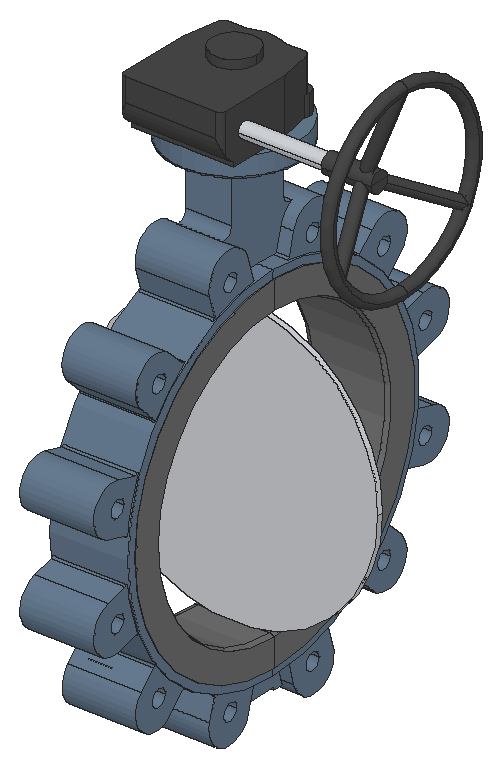
Revit family "HERZ Isolating Butterfly Valves AF-4219 with gearbox", category Rohrzubehör, Revit 2019
Family settings
  Bemaßung runder Anschluss = Durchmesser verwenden
  Teiletyp = Unterbricht
  OmniClass-Nummer = 23.65.55.14
  OmniClass-Titel = Valves for Liquid Services
  Arbeitsebenenbasiert = Nein
  Immer vertikal = Ja
  Beim Laden mit Abzugskörper schneiden = Nein
  Gemeinsam genutzt = Nein
Parameters
  Weight [instance] = size_lookup("4219_AF_G", "Gewicht", 3.8, Nennweite)  # 37.6
  URL = "www.herzvalves.com"
  Spindle = "stainless steel ASTM-A276 / Type 316"  # constant formula
  Screws [instance] = if(Nennweite = 50 mm, "4x M16x35", if(Nennweite = 65 mm, "4x M16x35", if(Nennweite = 80 mm, "8x M16x35", if(Nennweite = 100 mm, "8x M16x40", if(Nennweite = 125 mm, "8x M16x40", if(Nennweite = 150 mm, "8x M20x40", if(Nennweite = 200 mm, "12x M20x45", if(Nennweite = 250 mm, "12x M24x45", "12x M24x45"))))))))  # "12x M24x45"
  SCTWSEQ = "FW;SBT_TYP_FW=\"101\";2"
  SCTWCODE = "04;07;02"  # constant formula
  SCRNSEQ = "ARM;ARM_TYP=\"ALLF\";2"
  SCRNCODE = "05;13;02"  # constant formula
  R99 = 1.5 mm  # constant formula
  Part number [instance] = size_lookup("4219_AF_G", "Artnr", 421911, Nennweite)  # 1421979
  PN [instance] = size_lookup("4219_AF_G", "PN", 16, Nennweite)  # 10
  O-Ring = "EPDM according to ISO 1691"  # constant formula
  Min. operating temperature = "-20.00 °C with appropriate water-glycol mixture"  # constant formula
  Medium = "Heating water quality according ÖNORM H5195 or VDI-Standard 2035. The use of ethylene or propylene glycol in a\nmixing ratio 25- 50% is allowed."
  Max. operating temperature = 110 °C  # constant formula
  L04 [instance] = L01 - 3.5 mm  # 35.5 mm
  L03 [instance] = L01 + 1.5 mm  # 40.5 mm
  L02 [instance] = size_lookup("4219_AF_G", "L2", 14.5 mm, Nennweite)  # 30.5 mm
  L01 [instance] = size_lookup("4219_AF_G", "L1", 21.5 mm, Nennweite)  # 39 mm
  R01 [instance] = size_lookup("4219_AF_G", "R1", 44 mm, Nennweite)  # 65 mm
  Nennweite [instance] = 300 mm
  Hersteller = "HERZ Armaturen Ges.m.b.H."  # constant formula
  H02 [instance] = size_lookup("4219_AF_G", "H2", 13 mm, Nennweite)  # 20 mm
  H01 [instance] = size_lookup("4219_AF_G", "H1", 125 mm, Nennweite)  # 308 mm
  Flange = "according to EN1092-2"  # constant formula
  Torque in NM [instance] = size_lookup("4219_AF_G", "Nm", 20, Nennweite)  # 350
  Disc = "stainless steel 1.4408"  # constant formula
  DN80 [instance] = Nennweite = 80 mm  # no
  DN65 [instance] = Nennweite = 65 mm  # no
  DN50 [instance] = Nennweite = 50 mm  # no
  DN300 [instance] = Nennweite = 300 mm  # yes
  DN250 [instance] = Nennweite = 250 mm  # no
  DN200 [instance] = Nennweite = 200 mm  # no
  DN150 [instance] = Nennweite = 150 mm  # no
  DN125 [instance] = Nennweite = 125 mm  # no
  DN100 [instance] = Nennweite = 100 mm  # no
  D06 [instance] = size_lookup("4219_AF_G", "D6", 25.3 mm, Nennweite)  # 146.5 mm
  D05 [instance] = size_lookup("4219_AF_G", "D5", 24.5 mm, Nennweite)  # 145 mm
  D04 [instance] = D05 + 2 mm  # 147 mm
  D03 [instance] = size_lookup("4219_AF_G", "D3", 35.5 mm, Nennweite)  # 167.5 mm
  D02 [instance] = size_lookup("4219_AF_G", "D2", 41 mm, Nennweite)  # 175 mm
  D01 [instance] = size_lookup("4219_AF_G", "D1", 47 mm, Nennweite)  # 183 mm
  Body sealing = "EPDM according to ISO 1691"  # constant formula
  Body = "GGG, GJS-400-15/JS1030, according to EN1563"  # constant formula
  Application = "Suitable for fluids in building services, cold water systems, hot water saystems, etc."
Reference planes
  plane 1 "Mitte (Vorne/hinten)": y = 0
  plane 2: z = 0
  plane 3 "Mitte (Links/rechts)": x = 0
Forms (mm)
  Revolve 1, solid, material "Herz-Metall-blau", detail levels fine
    sketch origin (0, 0, 0) x (1, 0, 0) y (0, 0, 1)
      loop
        line (-30.5, 175) -> (-30.5, 167.5) -> (30.5, 167.5) -> (30.5, 175) -> (39, 175) -> (39, 183) -> (-39, 183) -> (-39, 175) -> (-30.5, 175)
      axis (-39, 0) -> (39, 0)
    angle from 0 to 360
  Revolve 2, solid, material "Herz-Metall-blau", detail levels fine
    sketch origin (0, 0, 0) x (1, 0, 0) y (0, 0, 1)
      loop
        line (-65, 308) -> (-65, 289.463)
        arc (-65, 289.463) -> (-64.673, 288.527) -> (-63.833, 288) r 1.5
        line (-63.833, 288) -> (0, 288) -> (0, 308) -> (-65, 308)
      axis (0, 308) -> (0, 288)
    angle from 0 to 360
  Extrusion 3, solid, material "Herz-Metall-blau", visible <- "DN50", detail levels fine
    sketch origin (0, 0, 0) x (0, 1, 0) y (0, 0, 1)
      loop
        line (56.215, -32.173) -> (43.95, -19.909)
        arc (43.95, -19.909) -> (43.387, -18.793) -> (43.596, -17.56) r 2
        arc (43.596, -17.56) -> (33.234, -33.234) -> (17.56, -43.596) r 47
        arc (17.56, -43.596) -> (18.793, -43.387) -> (19.909, -43.95) r 2
        line (19.909, -43.95) -> (32.173, -56.215)
        arc (32.173, -56.215) -> (56.215, -56.215) -> (56.215, -32.173) r 17
      loop
        arc (-56.215, -32.173) -> (-56.215, -56.215) -> (-32.173, -56.215) r 17
        line (-32.173, -56.215) -> (-19.909, -43.95)
        arc (-19.909, -43.95) -> (-18.793, -43.387) -> (-17.56, -43.596) r 2
        arc (-17.56, -43.596) -> (-33.234, -33.234) -> (-43.596, -17.56) r 47
        arc (-43.596, -17.56) -> (-43.387, -18.793) -> (-43.95, -19.909) r 2
        line (-43.95, -19.909) -> (-56.215, -32.173)
      loop
        arc (56.215, 32.173) -> (56.215, 56.215) -> (32.173, 56.215) r 17
        line (32.173, 56.215) -> (19.909, 43.95)
        arc (19.909, 43.95) -> (18.793, 43.387) -> (17.56, 43.596) r 2
        arc (17.56, 43.596) -> (33.234, 33.234) -> (43.596, 17.56) r 47
        arc (43.596, 17.56) -> (43.387, 18.793) -> (43.95, 19.909) r 2
        line (43.95, 19.909) -> (56.215, 32.173)
      loop
        line (-56.215, 32.173) -> (-43.95, 19.909)
        arc (-43.95, 19.909) -> (-43.387, 18.793) -> (-43.596, 17.56) r 2
        arc (-43.596, 17.56) -> (-33.234, 33.234) -> (-17.56, 43.596) r 47
        arc (-17.56, 43.596) -> (-18.793, 43.387) -> (-19.909, 43.95) r 2
        line (-19.909, 43.95) -> (-32.173, 56.215)
        arc (-32.173, 56.215) -> (-56.215, 56.215) -> (-56.215, 32.173) r 17
      loop
        circle (-44.194, 44.194) r 6.92
      loop
        circle (44.194, 44.194) r 6.92
      loop
        circle (44.194, -44.194) r 6.92
      loop
        circle (-44.194, -44.194) r 6.92
    from -19.5 to 19.5
  Extrusion 4, solid, material "Herz-Metall-blau", visible <- "DN50", detail levels fine
    sketch origin (0, 0, 0) x (0, 1, 0) y (0, 0, 1)
      loop
        line (20, 74.845) -> (20, 112) -> (-20, 112) -> (-20, 74.845)
        arc (-20, 74.845) -> (-26.046, 62.811) -> (-39.31, 60.477) r 15
        arc (-39.31, 60.477) -> (-35.477, 58.789) -> (-32.173, 56.215) r 17
        line (-32.173, 56.215) -> (-19.909, 43.95)
        arc (-19.909, 43.95) -> (-18.793, 43.387) -> (-17.56, 43.596) r 2
        arc (-17.56, 43.596) -> (0, 47) -> (17.56, 43.596) r 47
        arc (17.56, 43.596) -> (18.793, 43.387) -> (19.909, 43.95) r 2
        line (19.909, 43.95) -> (32.173, 56.215)
        arc (32.173, 56.215) -> (35.477, 58.789) -> (39.31, 60.477) r 17
        arc (39.31, 60.477) -> (26.046, 62.811) -> (20, 74.845) r 15
    from -15 to 15
  Extrusion 5, solid, material "Herz-Metall-blau", visible <- "DN50"
    sketch origin (0, 0, 0) x (0, 1, 0) y (0, 0, 1)
      loop
        arc (33.834, -58) -> (34.246, -58.062) -> (34.622, -58.243) r 1.4
        arc (34.622, -58.243) -> (33.35, -57.286) -> (32.173, -56.215) r 17
        line (32.173, -56.215) -> (19.909, -43.95)
        arc (19.909, -43.95) -> (18.793, -43.387) -> (17.56, -43.596) r 2
        arc (17.56, -43.596) -> (0, -47) -> (-17.56, -43.596) r 47
        arc (-17.56, -43.596) -> (-18.793, -43.387) -> (-19.909, -43.95) r 2
        line (-19.909, -43.95) -> (-32.173, -56.215)
        arc (-32.173, -56.215) -> (-33.35, -57.286) -> (-34.622, -58.243) r 17
        arc (-34.622, -58.243) -> (-34.246, -58.062) -> (-33.834, -58) r 1.4
        line (-33.834, -58) -> (-16.963, -58)
        arc (-16.963, -58) -> (-15.575, -58.575) -> (-15, -59.963) r 1.963
        line (-15, -59.963) -> (-15, -61) -> (15, -61) -> (15, -59.963)
        arc (15, -59.963) -> (15.575, -58.575) -> (16.963, -58) r 1.963
        line (16.963, -58) -> (33.834, -58)
    from -15 to 15
  Revolve 6, solid, material "Gummi", detail levels fine
    sketch origin (-134.5, 0, 0) x (1, 0, 0) y (0, 0, 1)
      loop
        line (94, 175) -> (94, 147) -> (99, 145) -> (170, 145) -> (175, 147) -> (175, 175) -> (165, 175) -> (165, 167.5) -> (104, 167.5) -> (104, 175) -> (94, 175)
      axis (94, 0) -> (175, 0)
    angle from 0 to 360
  Extrusion 7, solid, detail levels fine
    sketch origin (0, 0, 0) x (1, 0, 0) y (0, 0, 1)
      loop
        circle (0, 0) r 146.5
    from -2.5 to 2.5
  Extrusion 8, solid, material "Herz-Metall-blau", visible <- "DN65", detail levels fine
    sketch origin (0, -300, 0) x (0, 1, 0) y (0, 0, 1)
      loop
        circle (351.265, 51.265) r 6.92
      loop
        arc (363.286, 39.244) -> (363.286, 63.286) -> (339.244, 63.286) r 17
        line (339.244, 63.286) -> (328.595, 52.636)
        arc (328.595, 52.636) -> (327.499, 52.076) -> (326.282, 52.264) r 2
        arc (326.282, 52.264) -> (341.366, 41.366) -> (352.264, 26.282) r 58.501
        arc (352.264, 26.282) -> (352.087, 27.51) -> (352.656, 28.614) r 2.038
        line (352.656, 28.614) -> (363.286, 39.244)
      loop
        circle (351.265, -51.265) r 6.92
      loop
        line (363.286, -39.244) -> (352.656, -28.614)
        arc (352.656, -28.614) -> (352.087, -27.51) -> (352.264, -26.282) r 2.038
        arc (352.264, -26.282) -> (341.366, -41.366) -> (326.282, -52.264) r 58.501
        arc (326.282, -52.264) -> (327.499, -52.076) -> (328.595, -52.636) r 2
        line (328.595, -52.636) -> (339.244, -63.286)
        arc (339.244, -63.286) -> (363.286, -63.286) -> (363.286, -39.244) r 17
      loop
        circle (248.735, 51.265) r 6.92
      loop
        line (236.714, 39.244) -> (247.344, 28.614)
        arc (247.344, 28.614) -> (247.913, 27.51) -> (247.736, 26.282) r 2.038
        arc (247.736, 26.282) -> (258.634, 41.366) -> (273.718, 52.264) r 58.501
        arc (273.718, 52.264) -> (272.501, 52.076) -> (271.405, 52.636) r 2
        line (271.405, 52.636) -> (260.756, 63.286)
        arc (260.756, 63.286) -> (236.714, 63.286) -> (236.714, 39.244) r 17
      loop
        circle (248.735, -51.265) r 6.92
      loop
        arc (236.714, -39.244) -> (236.714, -63.286) -> (260.756, -63.286) r 17
        line (260.756, -63.286) -> (271.405, -52.636)
        arc (271.405, -52.636) -> (272.501, -52.076) -> (273.718, -52.264) r 2
        arc (273.718, -52.264) -> (258.634, -41.366) -> (247.736, -26.282) r 58.501
        arc (247.736, -26.282) -> (247.913, -27.51) -> (247.344, -28.614) r 2.038
        line (247.344, -28.614) -> (236.714, -39.244)
    from -21 to 21
  Extrusion 9, solid, material "Herz-Metall-blau", visible <- "DN65", detail levels fine
    sketch origin (0, -300, 0) x (0, 1, 0) y (0, 0, 1)
      loop
        line (278, 136.5) -> (278, 78.286)
        arc (278, 78.286) -> (272.889, 69.099) -> (263, 65.53) r 14.984
        line (263, 65.53) -> (257.982, 65.53)
        arc (257.982, 65.53) -> (259.428, 64.481) -> (260.756, 63.286) r 17
        line (260.756, 63.286) -> (271.405, 52.636)
        arc (271.405, 52.636) -> (272.501, 52.076) -> (273.718, 52.264) r 2
        arc (273.718, 52.264) -> (300, 58.5) -> (326.282, 52.264) r 58.5
        arc (326.282, 52.264) -> (327.499, 52.076) -> (328.595, 52.636) r 2
        line (328.595, 52.636) -> (339.244, 63.286)
        arc (339.244, 63.286) -> (340.572, 64.481) -> (342.018, 65.53) r 17
        line (342.018, 65.53) -> (337, 65.53)
        arc (337, 65.53) -> (327.111, 69.099) -> (322, 78.286) r 14.984
        line (322, 78.286) -> (322, 136.5) -> (278, 136.5)
      loop
        arc (260.756, -63.286) -> (259.428, -64.481) -> (257.982, -65.53) r 17
        line (257.982, -65.53) -> (280.029, -65.53)
        arc (280.029, -65.53) -> (281.423, -66.108) -> (282, -67.501) r 1.971
        line (282, -67.501) -> (282, -74) -> (318, -74) -> (318, -67.527)
        arc (318, -67.527) -> (318.585, -66.115) -> (319.997, -65.53) r 1.997
        line (319.997, -65.53) -> (342.018, -65.53)
        arc (342.018, -65.53) -> (340.572, -64.481) -> (339.244, -63.286) r 17
        line (339.244, -63.286) -> (328.595, -52.636)
        arc (328.595, -52.636) -> (327.499, -52.076) -> (326.282, -52.264) r 2
        arc (326.282, -52.264) -> (300, -58.5) -> (273.718, -52.264) r 58.5
        arc (273.718, -52.264) -> (272.501, -52.076) -> (271.405, -52.636) r 2
        line (271.405, -52.636) -> (260.756, -63.286)
    from -18 to 18
  Extrusion 10, solid, material "Herz-Metall-blau", visible <- "DN80", detail levels fine
    sketch origin (0, -300, 0) x (0, 1, 0) y (0, 0, 1)
      loop
        circle (269.385, 73.91) r 6.92
      loop
        arc (285.091, 80.416) -> (262.88, 89.616) -> (253.679, 67.405) r 17
        line (253.679, 67.405) -> (259.513, 53.322)
        arc (259.513, 53.322) -> (259.602, 52.073) -> (258.924, 51.02) r 1.982
        arc (258.924, 51.02) -> (274.934, 60.514) -> (292.968, 65.121) r 65.5
        arc (292.968, 65.121) -> (291.745, 65.388) -> (290.924, 66.335) r 1.984
        line (290.924, 66.335) -> (285.091, 80.416)
      loop
        circle (226.09, 30.615) r 6.92
      loop
        line (219.584, 14.909) -> (233.665, 9.076)
        arc (233.665, 9.076) -> (234.612, 8.255) -> (234.879, 7.032) r 1.984
        arc (234.879, 7.032) -> (239.486, 25.066) -> (248.98, 41.076) r 65.5
        arc (248.98, 41.076) -> (247.927, 40.398) -> (246.678, 40.487) r 1.982
        line (246.678, 40.487) -> (232.595, 46.321)
        arc (232.595, 46.321) -> (210.384, 37.12) -> (219.584, 14.909) r 17
      loop
        circle (269.385, -73.91) r 6.92
      loop
        line (285.091, -80.416) -> (290.924, -66.335)
        arc (290.924, -66.335) -> (291.745, -65.388) -> (292.968, -65.121) r 1.984
        arc (292.968, -65.121) -> (274.934, -60.514) -> (258.924, -51.02) r 65.5
        arc (258.924, -51.02) -> (259.602, -52.073) -> (259.513, -53.322) r 1.982
        line (259.513, -53.322) -> (253.679, -67.405)
        arc (253.679, -67.405) -> (262.88, -89.616) -> (285.091, -80.416) r 17
      loop
        circle (226.09, -30.615) r 6.92
      loop
        arc (219.584, -14.909) -> (210.384, -37.12) -> (232.595, -46.321) r 17
        line (232.595, -46.321) -> (246.678, -40.487)
        arc (246.678, -40.487) -> (247.927, -40.398) -> (248.98, -41.076) r 1.982
        arc (248.98, -41.076) -> (239.486, -25.066) -> (234.879, -7.032) r 65.5
        arc (234.879, -7.032) -> (234.612, -8.255) -> (233.665, -9.076) r 1.984
        line (233.665, -9.076) -> (219.584, -14.909)
      loop
        circle (330.615, 73.91) r 6.92
      loop
        line (314.909, 80.416) -> (309.076, 66.335)
        arc (309.076, 66.335) -> (308.255, 65.388) -> (307.032, 65.121) r 1.984
        arc (307.032, 65.121) -> (325.066, 60.514) -> (341.076, 51.02) r 65.5
        arc (341.076, 51.02) -> (340.398, 52.073) -> (340.487, 53.322) r 1.982
        line (340.487, 53.322) -> (346.321, 67.405)
        arc (346.321, 67.405) -> (337.12, 89.616) -> (314.909, 80.416) r 17
      loop
        circle (373.91, 30.615) r 6.92
      loop
        arc (380.416, 14.909) -> (389.616, 37.12) -> (367.405, 46.321) r 17
        line (367.405, 46.321) -> (353.322, 40.487)
        arc (353.322, 40.487) -> (352.073, 40.398) -> (351.02, 41.076) r 1.982
        arc (351.02, 41.076) -> (360.514, 25.066) -> (365.121, 7.032) r 65.5
        arc (365.121, 7.032) -> (365.388, 8.255) -> (366.335, 9.076) r 1.984
        line (366.335, 9.076) -> (380.416, 14.909)
      loop
        circle (330.615, -73.91) r 6.92
      loop
        arc (314.909, -80.416) -> (337.12, -89.616) -> (346.321, -67.405) r 17
        line (346.321, -67.405) -> (340.487, -53.322)
        arc (340.487, -53.322) -> (340.398, -52.073) -> (341.076, -51.02) r 1.982
        arc (341.076, -51.02) -> (325.066, -60.514) -> (307.032, -65.121) r 65.5
        arc (307.032, -65.121) -> (308.255, -65.388) -> (309.076, -66.335) r 1.984
        line (309.076, -66.335) -> (314.909, -80.416)
      loop
        circle (373.91, -30.615) r 6.92
      loop
        line (380.416, -14.909) -> (366.335, -9.076)
        arc (366.335, -9.076) -> (365.388, -8.255) -> (365.121, -7.032) r 1.984
        arc (365.121, -7.032) -> (360.514, -25.066) -> (351.02, -41.076) r 65.5
        arc (351.02, -41.076) -> (352.073, -40.398) -> (353.322, -40.487) r 1.982
        line (353.322, -40.487) -> (367.405, -46.321)
        arc (367.405, -46.321) -> (389.616, -37.12) -> (380.416, -14.909) r 17
    from -21 to 21
  Extrusion 11, solid, material "Herz-Metall-blau", visible <- "DN80", detail levels fine
    sketch origin (0, -300, 0) x (0, 1, 0) y (0, 0, 1)
      loop
        line (278, 143.5) -> (278, 100.814)
        arc (278, 100.814) -> (275.545, 94.251) -> (269.385, 90.91) r 10
        arc (269.385, 90.91) -> (278.83, 88.045) -> (285.091, 80.416) r 17
        line (285.091, 80.416) -> (290.924, 66.335)
        arc (290.924, 66.335) -> (291.744, 65.388) -> (292.968, 65.121) r 1.984
        arc (292.968, 65.121) -> (300, 65.497) -> (307.032, 65.121) r 66.05
        arc (307.032, 65.121) -> (308.256, 65.388) -> (309.076, 66.335) r 1.984
        line (309.076, 66.335) -> (314.909, 80.416)
        arc (314.909, 80.416) -> (321.17, 88.045) -> (330.615, 90.91) r 17
        arc (330.615, 90.91) -> (324.455, 94.251) -> (322, 100.814) r 10
        line (322, 100.814) -> (322, 143.5) -> (278, 143.5)
      loop
        line (285.091, -80.416) -> (286.5, -80.946) -> (313.5, -80.946) -> (314.89, -80.371) -> (309.076, -66.335)
        arc (309.076, -66.335) -> (308.256, -65.388) -> (307.032, -65.121) r 1.984
        arc (307.032, -65.121) -> (300, -65.497) -> (292.968, -65.121) r 66.05
        arc (292.968, -65.121) -> (291.744, -65.388) -> (290.924, -66.335) r 1.984
        line (290.924, -66.335) -> (285.091, -80.416)
    from -18.5 to 18.5
  Extrusion 12, solid, material "Herz-Metall-blau", visible <- "DN100", detail levels fine
    sketch origin (0, -300, 0) x (0, 1, 0) y (0, 0, 1)
      loop
        circle (265.558, 83.149) r 6.92
      loop
        arc (281.264, 89.655) -> (259.053, 98.855) -> (249.853, 76.644) r 17
        line (249.853, 76.644) -> (255.731, 62.451)
        arc (255.731, 62.451) -> (255.813, 61.14) -> (255.074, 60.055) r 2.025
        arc (255.074, 60.055) -> (271.3, 69.291) -> (289.305, 74.233) r 75
        arc (289.305, 74.233) -> (288.012, 74.478) -> (287.142, 75.464) r 2.027
        line (287.142, 75.464) -> (281.264, 89.655)
      loop
        circle (216.851, 34.442) r 6.92
      loop
        line (210.345, 18.736) -> (224.536, 12.858)
        arc (224.536, 12.858) -> (225.522, 11.988) -> (225.767, 10.695) r 2.027
        arc (225.767, 10.695) -> (230.709, 28.7) -> (239.945, 44.926) r 75
        arc (239.945, 44.926) -> (238.86, 44.187) -> (237.549, 44.269) r 2.025
        line (237.549, 44.269) -> (223.356, 50.147)
        arc (223.356, 50.147) -> (201.145, 40.947) -> (210.345, 18.736) r 17
      loop
        circle (265.558, -83.149) r 6.92
      loop
        line (281.264, -89.655) -> (287.142, -75.464)
        arc (287.142, -75.464) -> (288.012, -74.478) -> (289.305, -74.233) r 2.027
        arc (289.305, -74.233) -> (271.3, -69.291) -> (255.074, -60.055) r 75
        arc (255.074, -60.055) -> (255.813, -61.14) -> (255.731, -62.451) r 2.025
        line (255.731, -62.451) -> (249.853, -76.644)
        arc (249.853, -76.644) -> (259.053, -98.855) -> (281.264, -89.655) r 17
      loop
        circle (216.851, -34.442) r 6.92
      loop
        arc (210.345, -18.736) -> (201.145, -40.947) -> (223.356, -50.147) r 17
        line (223.356, -50.147) -> (237.549, -44.269)
        arc (237.549, -44.269) -> (238.86, -44.187) -> (239.945, -44.926) r 2.025
        arc (239.945, -44.926) -> (230.709, -28.7) -> (225.767, -10.695) r 75
        arc (225.767, -10.695) -> (225.522, -11.988) -> (224.536, -12.858) r 2.027
        line (224.536, -12.858) -> (210.345, -18.736)
      loop
        circle (334.442, 83.149) r 6.92
      loop
        line (318.736, 89.655) -> (312.858, 75.464)
        arc (312.858, 75.464) -> (311.988, 74.478) -> (310.695, 74.233) r 2.027
        arc (310.695, 74.233) -> (328.7, 69.291) -> (344.926, 60.055) r 75
        arc (344.926, 60.055) -> (344.187, 61.14) -> (344.269, 62.451) r 2.025
        line (344.269, 62.451) -> (350.147, 76.644)
        arc (350.147, 76.644) -> (340.947, 98.855) -> (318.736, 89.655) r 17
      loop
        circle (383.149, 34.442) r 6.92
      loop
        arc (389.655, 18.736) -> (398.855, 40.947) -> (376.644, 50.147) r 17
        line (376.644, 50.147) -> (362.451, 44.269)
        arc (362.451, 44.269) -> (361.14, 44.187) -> (360.055, 44.926) r 2.025
        arc (360.055, 44.926) -> (369.291, 28.7) -> (374.233, 10.695) r 75
        arc (374.233, 10.695) -> (374.478, 11.988) -> (375.464, 12.858) r 2.027
        line (375.464, 12.858) -> (389.655, 18.736)
      loop
        circle (334.442, -83.149) r 6.92
      loop
        arc (318.736, -89.655) -> (340.947, -98.855) -> (350.147, -76.644) r 17
        line (350.147, -76.644) -> (344.269, -62.451)
        arc (344.269, -62.451) -> (344.187, -61.14) -> (344.926, -60.055) r 2.025
        arc (344.926, -60.055) -> (328.7, -69.291) -> (310.695, -74.233) r 75
        arc (310.695, -74.233) -> (311.988, -74.478) -> (312.858, -75.464) r 2.027
        line (312.858, -75.464) -> (318.736, -89.655)
      loop
        circle (383.149, -34.442) r 6.92
      loop
        line (389.655, -18.736) -> (375.464, -12.858)
        arc (375.464, -12.858) -> (374.478, -11.988) -> (374.233, -10.695) r 2.027
        arc (374.233, -10.695) -> (369.291, -28.7) -> (360.055, -44.926) r 75
        arc (360.055, -44.926) -> (361.14, -44.187) -> (362.451, -44.269) r 2.025
        line (362.451, -44.269) -> (376.644, -50.147)
        arc (376.644, -50.147) -> (398.855, -40.947) -> (389.655, -18.736) r 17
    from -24 to 24
  Extrusion 13, solid, material "Herz-Metall-blau", visible <- "DN100", detail levels fine
    sketch origin (0, -300, 0) x (0, 1, 0) y (0, 0, 1)
      loop
        line (274, 167) -> (274, 114.47)
        arc (274, 114.47) -> (270.644, 105.014) -> (262.078, 99.789) r 15
        arc (262.078, 99.789) -> (273.498, 98.181) -> (281.264, 89.655) r 17
        line (281.264, 89.655) -> (287.142, 75.464)
        arc (287.142, 75.464) -> (288.012, 74.478) -> (289.305, 74.233) r 2.027
        arc (289.305, 74.233) -> (300, 75) -> (310.695, 74.233) r 75
        arc (310.695, 74.233) -> (311.988, 74.478) -> (312.858, 75.464) r 2.027
        line (312.858, 75.464) -> (318.736, 89.655)
        arc (318.736, 89.655) -> (326.502, 98.181) -> (337.922, 99.789) r 17
        arc (337.922, 99.789) -> (329.356, 105.014) -> (326, 114.47) r 15
        line (326, 114.47) -> (326, 167) -> (274, 167)
      loop
        line (286.5, -93) -> (313.5, -93) -> (313.5, -96) -> (323.312, -96)
        arc (323.312, -96) -> (320.654, -93.094) -> (318.736, -89.655) r 17
        line (318.736, -89.655) -> (312.858, -75.464)
        arc (312.858, -75.464) -> (311.988, -74.478) -> (310.695, -74.233) r 2.027
        arc (310.695, -74.233) -> (300, -75) -> (289.305, -74.233) r 75
        arc (289.305, -74.233) -> (288.012, -74.478) -> (287.142, -75.464) r 2.027
        line (287.142, -75.464) -> (281.264, -89.655)
        arc (281.264, -89.655) -> (279.346, -93.094) -> (276.688, -96) r 17
        line (276.688, -96) -> (286.5, -96) -> (286.5, -93)
    from -18 to 18
  Extrusion 14, solid, material "Herz-Metall-blau", visible <- "DN125", detail levels fine
    sketch origin (0, -300, 0) x (0, 1, 0) y (0, 0, 1)
      loop
        circle (259.818, 97.007) r 6.92
      loop
        arc (275.524, 103.513) -> (253.313, 112.713) -> (244.112, 90.502) r 17
        line (244.112, 90.502) -> (249.217, 78.179)
        arc (249.217, 78.179) -> (249.286, 76.825) -> (248.485, 75.731) r 2.023
        arc (248.485, 75.731) -> (264.902, 84.594) -> (282.772, 89.957) r 91.852
        arc (282.772, 89.957) -> (281.505, 90.18) -> (280.649, 91.141) r 1.958
        line (280.649, 91.141) -> (275.524, 103.513)
      loop
        circle (202.993, 40.182) r 6.92
      loop
        line (196.487, 24.476) -> (208.859, 19.351)
        arc (208.859, 19.351) -> (209.82, 18.495) -> (210.043, 17.228) r 1.958
        arc (210.043, 17.228) -> (215.406, 35.098) -> (224.269, 51.515) r 91.852
        arc (224.269, 51.515) -> (223.175, 50.714) -> (221.821, 50.783) r 2.023
        line (221.821, 50.783) -> (209.498, 55.888)
        arc (209.498, 55.888) -> (187.287, 46.687) -> (196.487, 24.476) r 17
      loop
        circle (259.818, -97.007) r 6.92
      loop
        line (275.524, -103.513) -> (280.649, -91.141)
        arc (280.649, -91.141) -> (281.505, -90.18) -> (282.772, -89.957) r 1.958
        arc (282.772, -89.957) -> (264.902, -84.594) -> (248.485, -75.731) r 91.852
        arc (248.485, -75.731) -> (249.286, -76.825) -> (249.217, -78.179) r 2.023
        line (249.217, -78.179) -> (244.112, -90.502)
        arc (244.112, -90.502) -> (253.313, -112.713) -> (275.524, -103.513) r 17
      loop
        circle (202.993, -40.182) r 6.92
      loop
        arc (196.487, -24.476) -> (187.287, -46.687) -> (209.498, -55.888) r 17
        line (209.498, -55.888) -> (221.821, -50.783)
        arc (221.821, -50.783) -> (223.175, -50.714) -> (224.269, -51.515) r 2.023
        arc (224.269, -51.515) -> (215.406, -35.098) -> (210.043, -17.228) r 91.852
        arc (210.043, -17.228) -> (209.82, -18.495) -> (208.859, -19.351) r 1.958
        line (208.859, -19.351) -> (196.487, -24.476)
      loop
        circle (340.182, 97.007) r 6.92
      loop
        line (324.476, 103.513) -> (319.351, 91.141)
        arc (319.351, 91.141) -> (318.495, 90.18) -> (317.228, 89.957) r 1.958
        arc (317.228, 89.957) -> (335.098, 84.594) -> (351.515, 75.731) r 91.852
        arc (351.515, 75.731) -> (350.714, 76.825) -> (350.783, 78.179) r 2.023
        line (350.783, 78.179) -> (355.888, 90.502)
        arc (355.888, 90.502) -> (346.687, 112.713) -> (324.476, 103.513) r 17
      loop
        circle (397.007, 40.182) r 6.92
      loop
        arc (403.513, 24.476) -> (412.713, 46.687) -> (390.502, 55.888) r 17
        line (390.502, 55.888) -> (378.179, 50.783)
        arc (378.179, 50.783) -> (376.825, 50.714) -> (375.731, 51.515) r 2.023
        arc (375.731, 51.515) -> (384.594, 35.098) -> (389.957, 17.228) r 91.852
        arc (389.957, 17.228) -> (390.18, 18.495) -> (391.141, 19.351) r 1.958
        line (391.141, 19.351) -> (403.513, 24.476)
      loop
        circle (340.182, -97.007) r 6.92
      loop
        arc (324.476, -103.513) -> (346.687, -112.713) -> (355.888, -90.502) r 17
        line (355.888, -90.502) -> (350.783, -78.179)
        arc (350.783, -78.179) -> (350.714, -76.825) -> (351.515, -75.731) r 2.023
        arc (351.515, -75.731) -> (335.098, -84.594) -> (317.228, -89.957) r 91.852
        arc (317.228, -89.957) -> (318.495, -90.18) -> (319.351, -91.141) r 1.958
        line (319.351, -91.141) -> (324.476, -103.513)
      loop
        circle (397.007, -40.182) r 6.92
      loop
        line (403.513, -24.476) -> (391.141, -19.351)
        arc (391.141, -19.351) -> (390.18, -18.495) -> (389.957, -17.228) r 1.958
        arc (389.957, -17.228) -> (384.594, -35.098) -> (375.731, -51.515) r 91.852
        arc (375.731, -51.515) -> (376.825, -50.714) -> (378.179, -50.783) r 2.023
        line (378.179, -50.783) -> (390.502, -55.888)
        arc (390.502, -55.888) -> (412.713, -46.687) -> (403.513, -24.476) r 17
    from -26 to 26
  Extrusion 15, solid, material "Herz-Metall-blau", visible <- "DN125", detail levels fine
    sketch origin (0, -300, 0) x (0, 1, 0) y (0, 0, 1)
      loop
        line (273.999, 186) -> (273.95, 123.689)
        arc (273.95, 123.689) -> (270.458, 116.096) -> (262.42, 113.807) r 10
        arc (262.42, 113.807) -> (270.32, 110.376) -> (275.524, 103.513) r 17
        line (275.524, 103.513) -> (280.649, 91.141)
        arc (280.649, 91.141) -> (281.528, 90.167) -> (282.825, 89.967) r 1.958
        arc (282.825, 89.967) -> (299.999, 91.589) -> (317.173, 89.967) r 91.7
        arc (317.173, 89.967) -> (318.469, 90.167) -> (319.348, 91.141) r 1.958
        line (319.348, 91.141) -> (324.473, 103.513)
        arc (324.473, 103.513) -> (329.677, 110.376) -> (337.577, 113.807) r 17
        arc (337.577, 113.807) -> (329.539, 116.096) -> (325.999, 123.689) r 10
        line (325.999, 123.689) -> (325.999, 186) -> (273.999, 186)
      loop
        line (286.499, -110.51) -> (313.499, -110.51) -> (313.499, -113.51) -> (336.099, -113.51)
        arc (336.099, -113.51) -> (329.095, -109.897) -> (324.473, -103.513) r 17
        line (324.473, -103.513) -> (319.348, -91.141)
        arc (319.348, -91.141) -> (318.469, -90.167) -> (317.173, -89.967) r 1.958
        arc (317.173, -89.967) -> (299.999, -91.589) -> (282.825, -89.967) r 91.7
        arc (282.825, -89.967) -> (281.528, -90.167) -> (280.649, -91.141) r 1.958
        line (280.649, -91.141) -> (275.524, -103.513)
        arc (275.524, -103.513) -> (270.902, -109.897) -> (263.898, -113.51) r 17
        line (263.898, -113.51) -> (286.499, -113.51) -> (286.499, -110.51)
    from -18 to 18
  Extrusion 16, solid, material "Herz-Metall-blau", visible <- "DN150", detail levels fine
    sketch origin (0, -300, 0) x (0, 1, 0) y (0, 0, 1)
      loop
        circle (254.078, 110.866) r 8.645
      loop
        arc (273.479, 118.902) -> (246.042, 130.267) -> (234.677, 102.829) r 21
        line (234.677, 102.829) -> (241.591, 86.136)
        arc (241.591, 86.136) -> (241.664, 84.82) -> (240.899, 83.746) r 1.993
        arc (240.899, 83.746) -> (260.776, 94.698) -> (282.575, 101.008) r 102.504
        arc (282.575, 101.008) -> (281.263, 101.248) -> (280.379, 102.246) r 2.042
        line (280.379, 102.246) -> (273.479, 118.902)
      loop
        circle (189.134, 45.922) r 8.645
      loop
        line (181.098, 26.521) -> (197.754, 19.621)
        arc (197.754, 19.621) -> (198.752, 18.737) -> (198.992, 17.425) r 2.042
        arc (198.992, 17.425) -> (205.302, 39.224) -> (216.254, 59.101) r 102.504
        arc (216.254, 59.101) -> (215.18, 58.336) -> (213.864, 58.409) r 1.993
        line (213.864, 58.409) -> (197.171, 65.323)
        arc (197.171, 65.323) -> (169.733, 53.958) -> (181.098, 26.521) r 21
      loop
        circle (254.078, -110.866) r 8.645
      loop
        line (273.479, -118.902) -> (280.379, -102.246)
        arc (280.379, -102.246) -> (281.263, -101.248) -> (282.575, -101.008) r 2.042
        arc (282.575, -101.008) -> (260.776, -94.698) -> (240.899, -83.746) r 102.504
        arc (240.899, -83.746) -> (241.664, -84.82) -> (241.591, -86.136) r 1.993
        line (241.591, -86.136) -> (234.677, -102.829)
        arc (234.677, -102.829) -> (246.042, -130.267) -> (273.479, -118.902) r 21
      loop
        circle (189.134, -45.922) r 8.645
      loop
        arc (181.098, -26.521) -> (169.733, -53.958) -> (197.171, -65.323) r 21
        line (197.171, -65.323) -> (213.864, -58.409)
        arc (213.864, -58.409) -> (215.18, -58.336) -> (216.254, -59.101) r 1.993
        arc (216.254, -59.101) -> (205.302, -39.224) -> (198.992, -17.425) r 102.504
        arc (198.992, -17.425) -> (198.752, -18.737) -> (197.754, -19.621) r 2.042
        line (197.754, -19.621) -> (181.098, -26.521)
      loop
        circle (345.922, 110.866) r 8.645
      loop
        line (326.521, 118.902) -> (319.621, 102.246)
        arc (319.621, 102.246) -> (318.737, 101.248) -> (317.425, 101.008) r 2.042
        arc (317.425, 101.008) -> (339.224, 94.698) -> (359.101, 83.746) r 102.504
        arc (359.101, 83.746) -> (358.336, 84.82) -> (358.409, 86.136) r 1.993
        line (358.409, 86.136) -> (365.323, 102.829)
        arc (365.323, 102.829) -> (353.958, 130.267) -> (326.521, 118.902) r 21
      loop
        circle (410.866, 45.922) r 8.645
      loop
        arc (418.902, 26.521) -> (430.267, 53.958) -> (402.829, 65.323) r 21
        line (402.829, 65.323) -> (386.136, 58.409)
        arc (386.136, 58.409) -> (384.82, 58.336) -> (383.746, 59.101) r 1.993
        arc (383.746, 59.101) -> (394.698, 39.224) -> (401.008, 17.425) r 102.504
        arc (401.008, 17.425) -> (401.248, 18.737) -> (402.246, 19.621) r 2.042
        line (402.246, 19.621) -> (418.902, 26.521)
      loop
        circle (345.922, -110.866) r 8.645
      loop
        arc (326.521, -118.902) -> (353.958, -130.267) -> (365.323, -102.829) r 21
        line (365.323, -102.829) -> (358.409, -86.136)
        arc (358.409, -86.136) -> (358.336, -84.82) -> (359.101, -83.746) r 1.993
        arc (359.101, -83.746) -> (339.224, -94.698) -> (317.425, -101.008) r 102.504
        arc (317.425, -101.008) -> (318.737, -101.248) -> (319.621, -102.246) r 2.042
        line (319.621, -102.246) -> (326.521, -118.902)
      loop
        circle (410.866, -45.922) r 8.645
      loop
        line (418.902, -26.521) -> (402.246, -19.621)
        arc (402.246, -19.621) -> (401.248, -18.737) -> (401.008, -17.425) r 2.042
        arc (401.008, -17.425) -> (394.698, -39.224) -> (383.746, -59.101) r 102.504
        arc (383.746, -59.101) -> (384.82, -58.336) -> (386.136, -58.409) r 1.993
        line (386.136, -58.409) -> (402.829, -65.323)
        arc (402.829, -65.323) -> (430.267, -53.958) -> (418.902, -26.521) r 21
    from -26 to 26
  Extrusion 17, solid, material "Herz-Metall-blau", visible <- "DN150", detail levels fine
    sketch origin (0, -300, 0) x (0, 1, 0) y (0, 0, 1)
      loop
        line (274, 199) -> (274, 135)
        arc (274, 135) -> (272.527, 129.776) -> (268.541, 126.091) r 10
        arc (268.541, 126.091) -> (271.388, 122.755) -> (273.479, 118.902) r 21
        line (273.479, 118.902) -> (280.379, 102.246)
        arc (280.379, 102.246) -> (281.28, 101.239) -> (282.612, 101.014) r 2.042
        arc (282.612, 101.014) -> (300, 102.5) -> (317.388, 101.014) r 102.5
        arc (317.388, 101.014) -> (318.72, 101.239) -> (319.621, 102.246) r 2.042
        line (319.621, 102.246) -> (326.521, 118.902)
        arc (326.521, 118.902) -> (328.612, 122.755) -> (331.459, 126.091) r 21
        arc (331.459, 126.091) -> (327.473, 129.776) -> (326, 135) r 10
        line (326, 135) -> (326, 199) -> (274, 199)
      loop
        line (286.5, -122.5) -> (313.5, -122.5) -> (313.5, -125.5) -> (330.861, -125.5)
        arc (330.861, -125.5) -> (328.378, -122.407) -> (326.521, -118.902) r 21
        line (326.521, -118.902) -> (319.621, -102.246)
        arc (319.621, -102.246) -> (318.72, -101.239) -> (317.388, -101.014) r 2.042
        arc (317.388, -101.014) -> (300, -102.5) -> (282.612, -101.014) r 102.5
        arc (282.612, -101.014) -> (281.28, -101.239) -> (280.379, -102.246) r 2.042
        line (280.379, -102.246) -> (273.479, -118.902)
        arc (273.479, -118.902) -> (271.622, -122.407) -> (269.139, -125.5) r 21
        line (269.139, -125.5) -> (286.5, -125.5) -> (286.5, -122.5)
    from -18 to 18
  Extrusion 18, solid, material "Herz-Metall-blau", visible <- "DN200", detail levels fine
    sketch origin (0, -400, 0) x (0, 1, 0) y (0, 0, 1)
      loop
        circle (361.824, 142.474) r 8.645
      loop
        arc (382.109, 147.909) -> (356.389, 162.759) -> (341.54, 137.039) r 21
        line (341.54, 137.039) -> (345.801, 121.136)
        arc (345.801, 121.136) -> (345.679, 119.74) -> (344.688, 118.75) r 2.048
        arc (344.688, 118.75) -> (366.062, 126.527) -> (388.459, 130.491) r 131
        arc (388.459, 130.491) -> (387.159, 130.838) -> (386.388, 131.939) r 1.965
        line (386.388, 131.939) -> (382.109, 147.909)
      loop
        circle (257.526, 38.176) r 8.645
      loop
        line (252.091, 17.891) -> (268.061, 13.612)
        arc (268.061, 13.612) -> (269.162, 12.841) -> (269.509, 11.541) r 1.965
        arc (269.509, 11.541) -> (273.473, 33.938) -> (281.25, 55.312) r 131
        arc (281.25, 55.312) -> (280.26, 54.321) -> (278.864, 54.199) r 2.048
        line (278.864, 54.199) -> (262.961, 58.46)
        arc (262.961, 58.46) -> (237.241, 43.611) -> (252.091, 17.891) r 21
      loop
        circle (295.702, 104.298) r 8.645
      loop
        line (280.853, 89.449) -> (292.543, 77.758)
        arc (292.543, 77.758) -> (293.111, 76.539) -> (292.762, 75.24) r 1.965
        arc (292.762, 75.24) -> (307.393, 92.655) -> (324.816, 107.277) r 131
        arc (324.816, 107.277) -> (323.463, 106.914) -> (322.193, 107.506) r 2.048
        line (322.193, 107.506) -> (310.551, 119.147)
        arc (310.551, 119.147) -> (280.853, 119.147) -> (280.853, 89.449) r 21
      loop
        circle (361.824, -142.474) r 8.645
      loop
        line (382.109, -147.909) -> (386.388, -131.939)
        arc (386.388, -131.939) -> (387.159, -130.838) -> (388.459, -130.491) r 1.965
        arc (388.459, -130.491) -> (366.062, -126.527) -> (344.688, -118.75) r 131
        arc (344.688, -118.75) -> (345.679, -119.74) -> (345.801, -121.136) r 2.048
        line (345.801, -121.136) -> (341.54, -137.039)
        arc (341.54, -137.039) -> (356.389, -162.759) -> (382.109, -147.909) r 21
      loop
        circle (257.526, -38.176) r 8.645
      loop
        arc (252.091, -17.891) -> (237.241, -43.611) -> (262.961, -58.46) r 21
        line (262.961, -58.46) -> (278.864, -54.199)
        arc (278.864, -54.199) -> (280.26, -54.321) -> (281.25, -55.312) r 2.048
        arc (281.25, -55.312) -> (273.473, -33.938) -> (269.509, -11.541) r 131
        arc (269.509, -11.541) -> (269.162, -12.841) -> (268.061, -13.612) r 1.965
        line (268.061, -13.612) -> (252.091, -17.891)
      loop
        circle (295.702, -104.298) r 8.645
      loop
        arc (280.853, -89.449) -> (280.853, -119.147) -> (310.551, -119.147) r 21
        line (310.551, -119.147) -> (322.193, -107.506)
        arc (322.193, -107.506) -> (323.463, -106.914) -> (324.816, -107.277) r 2.048
        arc (324.816, -107.277) -> (307.393, -92.655) -> (292.762, -75.24) r 131
        arc (292.762, -75.24) -> (293.111, -76.539) -> (292.543, -77.758) r 1.965
        line (292.543, -77.758) -> (280.853, -89.449)
      loop
        circle (438.176, 142.474) r 8.645
      loop
        line (417.891, 147.909) -> (413.612, 131.939)
        arc (413.612, 131.939) -> (412.841, 130.838) -> (411.541, 130.491) r 1.965
        arc (411.541, 130.491) -> (433.938, 126.527) -> (455.312, 118.75) r 131
        arc (455.312, 118.75) -> (454.321, 119.74) -> (454.199, 121.136) r 2.048
        line (454.199, 121.136) -> (458.46, 137.039)
        arc (458.46, 137.039) -> (443.611, 162.759) -> (417.891, 147.909) r 21
      loop
        circle (542.474, 38.176) r 8.645
      loop
        arc (547.909, 17.891) -> (562.759, 43.611) -> (537.039, 58.46) r 21
        line (537.039, 58.46) -> (521.136, 54.199)
        arc (521.136, 54.199) -> (519.74, 54.321) -> (518.75, 55.312) r 2.048
        arc (518.75, 55.312) -> (526.527, 33.938) -> (530.491, 11.541) r 131
        arc (530.491, 11.541) -> (530.838, 12.841) -> (531.939, 13.612) r 1.965
        line (531.939, 13.612) -> (547.909, 17.891)
      loop
        circle (504.298, 104.298) r 8.645
      loop
        arc (519.147, 89.449) -> (519.147, 119.147) -> (489.449, 119.147) r 21
        line (489.449, 119.147) -> (477.807, 107.506)
        arc (477.807, 107.506) -> (476.537, 106.914) -> (475.184, 107.277) r 2.048
        arc (475.184, 107.277) -> (492.607, 92.655) -> (507.238, 75.24) r 131
        arc (507.238, 75.24) -> (506.889, 76.539) -> (507.457, 77.758) r 1.965
        line (507.457, 77.758) -> (519.147, 89.449)
      loop
        circle (438.176, -142.474) r 8.645
      loop
        arc (417.891, -147.909) -> (443.611, -162.759) -> (458.46, -137.039) r 21
        line (458.46, -137.039) -> (454.199, -121.136)
        arc (454.199, -121.136) -> (454.321, -119.74) -> (455.312, -118.75) r 2.048
        arc (455.312, -118.75) -> (433.938, -126.527) -> (411.541, -130.491) r 131
        arc (411.541, -130.491) -> (412.841, -130.838) -> (413.612, -131.939) r 1.965
        line (413.612, -131.939) -> (417.891, -147.909)
      loop
        circle (542.474, -38.176) r 8.645
      loop
        line (547.909, -17.891) -> (531.939, -13.612)
        arc (531.939, -13.612) -> (530.838, -12.841) -> (530.491, -11.541) r 1.965
        arc (530.491, -11.541) -> (526.527, -33.938) -> (518.75, -55.312) r 131
        arc (518.75, -55.312) -> (519.74, -54.321) -> (521.136, -54.199) r 2.048
        line (521.136, -54.199) -> (537.039, -58.46)
        arc (537.039, -58.46) -> (562.759, -43.611) -> (547.909, -17.891) r 21
      loop
        circle (504.298, -104.298) r 8.645
      loop
        line (519.147, -89.449) -> (507.457, -77.758)
        arc (507.457, -77.758) -> (506.889, -76.539) -> (507.238, -75.24) r 1.965
        arc (507.238, -75.24) -> (492.607, -92.655) -> (475.184, -107.277) r 131
        arc (475.184, -107.277) -> (476.537, -106.914) -> (477.807, -107.506) r 2.048
        line (477.807, -107.506) -> (489.449, -119.147)
        arc (489.449, -119.147) -> (519.147, -119.147) -> (519.147, -89.449) r 21
    from -28 to 28
  Extrusion 19, solid, material "Herz-Metall-blau", visible <- "DN200", detail levels fine
    sketch origin (0, -400, 0) x (0, 1, 0) y (0, 0, 1)
      loop
        arc (411.541, 130.491) -> (412.841, 130.838) -> (413.612, 131.939) r 1.965
        line (413.612, 131.939) -> (417.891, 147.909)
        arc (417.891, 147.909) -> (422.597, 156.556) -> (430.727, 162.108) r 21
        arc (430.727, 162.108) -> (428.869, 162.334) -> (428, 163.99) r 2.013
        line (428, 163.99) -> (428, 230) -> (372, 230) -> (372, 163.99)
        arc (372, 163.99) -> (371.131, 162.334) -> (369.273, 162.108) r 2.013
        arc (369.273, 162.108) -> (377.403, 156.556) -> (382.109, 147.909) r 21
        line (382.109, 147.909) -> (386.388, 131.939)
        arc (386.388, 131.939) -> (387.159, 130.838) -> (388.459, 130.491) r 1.965
        arc (388.459, 130.491) -> (400, 131) -> (411.541, 130.491) r 131
      loop
        arc (411.541, -130.491) -> (400, -131) -> (388.459, -130.491) r 131
        arc (388.459, -130.491) -> (387.159, -130.838) -> (386.388, -131.939) r 1.965
        line (386.388, -131.939) -> (382.109, -147.909)
        arc (382.109, -147.909) -> (381.328, -150.259) -> (380.276, -152.5) r 21
        line (380.276, -152.5) -> (419.724, -152.5)
        arc (419.724, -152.5) -> (418.672, -150.259) -> (417.891, -147.909) r 21
        line (417.891, -147.909) -> (413.612, -131.939)
        arc (413.612, -131.939) -> (412.841, -130.838) -> (411.541, -130.491) r 1.965
    from -20 to 20
  Extrusion 20, solid, material "Herz-Metall-blau", visible <- "DN250", detail levels fine
    sketch origin (0, -500, 0) x (0, 1, 0) y (0, 0, 1)
      loop
        circle (454.707, 169.037) r 8.645
      loop
        arc (478.208, 177.922) -> (447.589, 195.6) -> (429.911, 164.981) r 25
        line (429.911, 164.981) -> (435.025, 145.897)
        arc (435.025, 145.897) -> (434.902, 144.5) -> (433.907, 143.512) r 2.044
        arc (433.907, 143.512) -> (458.94, 152.587) -> (485.142, 157.329) r 158
        arc (485.142, 157.329) -> (483.991, 157.793) -> (483.322, 158.837) r 2.043
        line (483.322, 158.837) -> (478.208, 177.922)
      loop
        circle (376.468, 123.866) r 8.645
      loop
        line (357.022, 107.956) -> (370.994, 93.984)
        arc (370.994, 93.984) -> (371.563, 92.882) -> (371.39, 91.654) r 2.043
        arc (371.39, 91.654) -> (388.597, 111.974) -> (408.973, 129.116) r 158
        arc (408.973, 129.116) -> (407.62, 128.749) -> (406.348, 129.34) r 2.044
        line (406.348, 129.34) -> (392.378, 143.311)
        arc (392.378, 143.311) -> (357.022, 143.311) -> (357.022, 107.956) r 25
      loop
        circle (331.268, 45.598) r 8.645
      loop
        line (322.382, 22.097) -> (341.468, 16.983)
        arc (341.468, 16.983) -> (342.512, 16.313) -> (342.976, 15.163) r 2.043
        arc (342.976, 15.163) -> (347.718, 41.365) -> (356.793, 66.398) r 158
        arc (356.793, 66.398) -> (355.804, 65.403) -> (354.408, 65.28) r 2.044
        line (354.408, 65.28) -> (335.323, 70.393)
        arc (335.323, 70.393) -> (304.705, 52.716) -> (322.382, 22.097) r 25
      loop
        circle (454.707, -169.037) r 8.645
      loop
        line (478.208, -177.922) -> (483.322, -158.837)
        arc (483.322, -158.837) -> (483.991, -157.793) -> (485.142, -157.329) r 2.043
        arc (485.142, -157.329) -> (458.94, -152.587) -> (433.907, -143.512) r 158
        arc (433.907, -143.512) -> (434.902, -144.5) -> (435.025, -145.897) r 2.044
        line (435.025, -145.897) -> (429.911, -164.981)
        arc (429.911, -164.981) -> (447.589, -195.6) -> (478.208, -177.922) r 25
      loop
        circle (376.468, -123.866) r 8.645
      loop
        arc (357.022, -107.956) -> (357.022, -143.311) -> (392.378, -143.311) r 25
        line (392.378, -143.311) -> (406.348, -129.34)
        arc (406.348, -129.34) -> (407.62, -128.749) -> (408.973, -129.116) r 2.044
        arc (408.973, -129.116) -> (388.597, -111.974) -> (371.39, -91.654) r 158
        arc (371.39, -91.654) -> (371.563, -92.882) -> (370.994, -93.984) r 2.043
        line (370.994, -93.984) -> (357.022, -107.956)
      loop
        circle (331.268, -45.598) r 8.645
      loop
        arc (322.382, -22.097) -> (304.705, -52.716) -> (335.323, -70.393) r 25
        line (335.323, -70.393) -> (354.408, -65.28)
        arc (354.408, -65.28) -> (355.804, -65.403) -> (356.793, -66.398) r 2.044
        arc (356.793, -66.398) -> (347.718, -41.365) -> (342.976, -15.163) r 158
        arc (342.976, -15.163) -> (342.512, -16.313) -> (341.468, -16.983) r 2.043
        line (341.468, -16.983) -> (322.382, -22.097)
      loop
        circle (545.128, 169.037) r 8.645
      loop
        line (521.626, 177.922) -> (516.513, 158.837)
        arc (516.513, 158.837) -> (515.843, 157.793) -> (514.693, 157.329) r 2.043
        arc (514.693, 157.329) -> (540.894, 152.587) -> (565.927, 143.512) r 158
        arc (565.927, 143.512) -> (564.933, 144.5) -> (564.809, 145.897) r 2.044
        line (564.809, 145.897) -> (569.923, 164.981)
        arc (569.923, 164.981) -> (552.245, 195.6) -> (521.626, 177.922) r 25
      loop
        circle (623.367, 123.866) r 8.645
      loop
        arc (642.812, 107.956) -> (642.812, 143.311) -> (607.457, 143.311) r 25
        line (607.457, 143.311) -> (593.486, 129.34)
        arc (593.486, 129.34) -> (592.215, 128.749) -> (590.862, 129.116) r 2.044
        arc (590.862, 129.116) -> (611.237, 111.974) -> (628.444, 91.654) r 158
        arc (628.444, 91.654) -> (628.271, 92.882) -> (628.841, 93.984) r 2.043
        line (628.841, 93.984) -> (642.812, 107.956)
      loop
        circle (668.567, 45.598) r 8.645
      loop
        arc (677.452, 22.097) -> (695.13, 52.716) -> (664.511, 70.393) r 25
        line (664.511, 70.393) -> (645.426, 65.28)
        arc (645.426, 65.28) -> (644.03, 65.403) -> (643.042, 66.398) r 2.044
        arc (643.042, 66.398) -> (652.116, 41.365) -> (656.858, 15.163) r 158
        arc (656.858, 15.163) -> (657.323, 16.313) -> (658.367, 16.983) r 2.043
        line (658.367, 16.983) -> (677.452, 22.097)
      loop
        circle (545.128, -169.037) r 8.645
      loop
        arc (521.626, -177.922) -> (552.245, -195.6) -> (569.923, -164.981) r 25
        line (569.923, -164.981) -> (564.809, -145.897)
        arc (564.809, -145.897) -> (564.933, -144.5) -> (565.927, -143.512) r 2.044
        arc (565.927, -143.512) -> (540.894, -152.587) -> (514.693, -157.329) r 158
        arc (514.693, -157.329) -> (515.843, -157.793) -> (516.513, -158.837) r 2.043
        line (516.513, -158.837) -> (521.626, -177.922)
      loop
        circle (623.367, -123.866) r 8.645
      loop
        line (642.812, -107.956) -> (628.841, -93.984)
        arc (628.841, -93.984) -> (628.271, -92.882) -> (628.444, -91.654) r 2.043
        arc (628.444, -91.654) -> (611.237, -111.974) -> (590.862, -129.116) r 158
        arc (590.862, -129.116) -> (592.215, -128.749) -> (593.486, -129.34) r 2.044
        line (593.486, -129.34) -> (607.457, -143.311)
        arc (607.457, -143.311) -> (642.812, -143.311) -> (642.812, -107.956) r 25
      loop
        circle (668.567, -45.598) r 8.645
      loop
        line (677.452, -22.097) -> (658.367, -16.983)
        arc (658.367, -16.983) -> (657.323, -16.313) -> (656.858, -15.163) r 2.043
        arc (656.858, -15.163) -> (652.116, -41.365) -> (643.042, -66.398) r 158
        arc (643.042, -66.398) -> (644.03, -65.403) -> (645.426, -65.28) r 2.044
        line (645.426, -65.28) -> (664.511, -70.393)
        arc (664.511, -70.393) -> (695.13, -52.716) -> (677.452, -22.097) r 25
    from -32 to 32
  Extrusion 21, solid, material "Herz-Metall-blau", visible <- "DN250", detail levels fine
    sketch origin (0, -500, 0) x (0, 1, 0) y (0, 0, 1)
      loop
        line (467.917, 263) -> (467.917, 195.639)
        arc (467.917, 195.639) -> (466.995, 193.978) -> (465.097, 193.884) r 1.957
        arc (465.097, 193.884) -> (473.378, 187.32) -> (478.208, 177.922) r 25
        line (478.208, 177.922) -> (483.33, 158.808)
        arc (483.33, 158.808) -> (483.997, 157.776) -> (485.142, 157.329) r 2
        arc (485.142, 157.329) -> (499.917, 158.021) -> (514.693, 157.329) r 158
        arc (514.693, 157.329) -> (515.837, 157.776) -> (516.505, 158.808) r 2
        line (516.505, 158.808) -> (521.626, 177.922)
        arc (521.626, 177.922) -> (526.456, 187.32) -> (534.737, 193.884) r 25
        arc (534.737, 193.884) -> (532.84, 193.978) -> (531.917, 195.639) r 1.957
        line (531.917, 195.639) -> (531.917, 263) -> (467.917, 263)
      loop
        line (478.917, -192.479) -> (520.917, -192.479) -> (520.917, -195.479) -> (538.868, -195.479)
        arc (538.868, -195.479) -> (527.938, -188.969) -> (521.626, -177.922) r 25
        line (521.626, -177.922) -> (516.505, -158.808)
        arc (516.505, -158.808) -> (515.837, -157.776) -> (514.693, -157.329) r 2
        arc (514.693, -157.329) -> (499.917, -158.021) -> (485.142, -157.329) r 158
        arc (485.142, -157.329) -> (483.997, -157.776) -> (483.33, -158.808) r 2
        line (483.33, -158.808) -> (478.208, -177.922)
        arc (478.208, -177.922) -> (471.897, -188.969) -> (460.966, -195.479) r 25
        line (460.966, -195.479) -> (478.917, -195.479) -> (478.917, -192.479)
    from -23 to 23
  Extrusion 22, solid, material "Herz-Metall-blau", visible <- "DN300", detail levels fine
    sketch origin (0, -600, 0) x (0, 1, 0) y (0, 0, 1)
      loop
        circle (548.236, 193.185) r 8.645
      loop
        arc (571.09, 204.485) -> (540.472, 222.163) -> (522.794, 191.544) r 25
        line (522.794, 191.544) -> (528.48, 170.323)
        arc (528.48, 170.323) -> (528.348, 168.926) -> (527.336, 167.955) r 2.013
        arc (527.336, 167.955) -> (552.476, 176.732) -> (578.624, 181.768) r 183
        arc (578.624, 181.768) -> (577.466, 182.19) -> (576.788, 183.22) r 1.96
        line (576.788, 183.22) -> (571.09, 204.485)
      loop
        circle (458.579, 141.421) r 8.645
      loop
        line (437.365, 127.279) -> (452.933, 111.712)
        arc (452.933, 111.712) -> (453.486, 110.61) -> (453.272, 109.396) r 1.96
        arc (453.272, 109.396) -> (470.707, 129.523) -> (490.879, 146.906) r 183
        arc (490.879, 146.906) -> (489.531, 146.515) -> (488.256, 147.1) r 2.013
        line (488.256, 147.1) -> (472.721, 162.635)
        arc (472.721, 162.635) -> (437.365, 162.635) -> (437.365, 127.279) r 25
      loop
        circle (406.815, 51.764) r 8.645
      loop
        line (395.515, 28.91) -> (416.78, 23.212)
        arc (416.78, 23.212) -> (417.81, 22.534) -> (418.232, 21.376) r 1.96
        arc (418.232, 21.376) -> (423.268, 47.524) -> (432.045, 72.664) r 183
        arc (432.045, 72.664) -> (431.074, 71.652) -> (429.677, 71.52) r 2.013
        line (429.677, 71.52) -> (408.456, 77.206)
        arc (408.456, 77.206) -> (377.837, 59.528) -> (395.515, 28.91) r 25
      loop
        circle (548.236, -193.185) r 8.645
      loop
        line (571.09, -204.485) -> (576.788, -183.22)
        arc (576.788, -183.22) -> (577.466, -182.19) -> (578.624, -181.768) r 1.96
        arc (578.624, -181.768) -> (552.476, -176.732) -> (527.336, -167.955) r 183
        arc (527.336, -167.955) -> (528.348, -168.926) -> (528.48, -170.323) r 2.013
        line (528.48, -170.323) -> (522.794, -191.544)
        arc (522.794, -191.544) -> (540.472, -222.163) -> (571.09, -204.485) r 25
      loop
        circle (458.579, -141.421) r 8.645
      loop
        arc (437.365, -127.279) -> (437.365, -162.635) -> (472.721, -162.635) r 25
        line (472.721, -162.635) -> (488.256, -147.1)
        arc (488.256, -147.1) -> (489.531, -146.515) -> (490.879, -146.906) r 2.013
        arc (490.879, -146.906) -> (470.707, -129.523) -> (453.272, -109.396) r 183
        arc (453.272, -109.396) -> (453.486, -110.61) -> (452.933, -111.712) r 1.96
        line (452.933, -111.712) -> (437.365, -127.279)
      loop
        circle (406.815, -51.764) r 8.645
      loop
        arc (395.515, -28.91) -> (377.837, -59.528) -> (408.456, -77.206) r 25
        line (408.456, -77.206) -> (429.677, -71.52)
        arc (429.677, -71.52) -> (431.074, -71.652) -> (432.045, -72.664) r 2.013
        arc (432.045, -72.664) -> (423.268, -47.524) -> (418.232, -21.376) r 183
        arc (418.232, -21.376) -> (417.81, -22.534) -> (416.78, -23.212) r 1.96
        line (416.78, -23.212) -> (395.515, -28.91)
      loop
        circle (651.764, 193.185) r 8.645
      loop
        line (628.91, 204.485) -> (623.212, 183.22)
        arc (623.212, 183.22) -> (622.534, 182.19) -> (621.376, 181.768) r 1.96
        arc (621.376, 181.768) -> (647.524, 176.732) -> (672.664, 167.955) r 183
        arc (672.664, 167.955) -> (671.652, 168.926) -> (671.52, 170.323) r 2.013
        line (671.52, 170.323) -> (677.206, 191.544)
        arc (677.206, 191.544) -> (659.528, 222.163) -> (628.91, 204.485) r 25
      loop
        circle (741.421, 141.421) r 8.645
      loop
        arc (762.635, 127.279) -> (762.635, 162.635) -> (727.279, 162.635) r 25
        line (727.279, 162.635) -> (711.744, 147.1)
        arc (711.744, 147.1) -> (710.469, 146.515) -> (709.121, 146.906) r 2.013
        arc (709.121, 146.906) -> (729.293, 129.523) -> (746.728, 109.396) r 183
        arc (746.728, 109.396) -> (746.514, 110.61) -> (747.067, 111.712) r 1.96
        line (747.067, 111.712) -> (762.635, 127.279)
      loop
        circle (793.185, 51.764) r 8.645
      loop
        arc (804.485, 28.91) -> (822.163, 59.528) -> (791.544, 77.206) r 25
        line (791.544, 77.206) -> (770.323, 71.52)
        arc (770.323, 71.52) -> (768.926, 71.652) -> (767.955, 72.664) r 2.013
        arc (767.955, 72.664) -> (776.732, 47.524) -> (781.768, 21.376) r 183
        arc (781.768, 21.376) -> (782.19, 22.534) -> (783.22, 23.212) r 1.96
        line (783.22, 23.212) -> (804.485, 28.91)
      loop
        circle (651.764, -193.185) r 8.645
      loop
        arc (628.91, -204.485) -> (659.528, -222.163) -> (677.206, -191.544) r 25
        line (677.206, -191.544) -> (671.52, -170.323)
        arc (671.52, -170.323) -> (671.652, -168.926) -> (672.664, -167.955) r 2.013
        arc (672.664, -167.955) -> (647.524, -176.732) -> (621.376, -181.768) r 183
        arc (621.376, -181.768) -> (622.534, -182.19) -> (623.212, -183.22) r 1.96
        line (623.212, -183.22) -> (628.91, -204.485)
      loop
        circle (741.421, -141.421) r 8.645
      loop
        line (762.635, -127.279) -> (747.067, -111.712)
        arc (747.067, -111.712) -> (746.514, -110.61) -> (746.728, -109.396) r 1.96
        arc (746.728, -109.396) -> (729.293, -129.523) -> (709.121, -146.906) r 183
        arc (709.121, -146.906) -> (710.469, -146.515) -> (711.744, -147.1) r 2.013
        line (711.744, -147.1) -> (727.279, -162.635)
        arc (727.279, -162.635) -> (762.635, -162.635) -> (762.635, -127.279) r 25
      loop
        circle (793.185, -51.764) r 8.645
      loop
        line (804.485, -28.91) -> (783.22, -23.212)
        arc (783.22, -23.212) -> (782.19, -22.534) -> (781.768, -21.376) r 1.96
        arc (781.768, -21.376) -> (776.732, -47.524) -> (767.955, -72.664) r 183
        arc (767.955, -72.664) -> (768.926, -71.652) -> (770.323, -71.52) r 2.013
        line (770.323, -71.52) -> (791.544, -77.206)
        arc (791.544, -77.206) -> (822.163, -59.528) -> (804.485, -28.91) r 25
    from -37 to 37
  Extrusion 23, solid, material "Herz-Metall-blau", visible <- "DN300", detail levels fine
    sketch origin (0, -600, 0) x (0, 1, 0) y (0, 0, 1)
      loop
        line (568, 288) -> (568, 231)
        arc (568, 231) -> (564.523, 223.42) -> (556.509, 221.112) r 10
        arc (556.509, 221.112) -> (565.738, 214.498) -> (571.09, 204.485) r 25
        line (571.09, 204.485) -> (576.788, 183.22)
        arc (576.788, 183.22) -> (577.483, 182.176) -> (578.668, 181.767) r 1.96
        arc (578.668, 181.767) -> (600, 183.015) -> (621.332, 181.767) r 183.015
        arc (621.332, 181.767) -> (622.517, 182.176) -> (623.212, 183.22) r 1.96
        line (623.212, 183.22) -> (628.91, 204.485)
        arc (628.91, 204.485) -> (634.262, 214.498) -> (643.491, 221.112) r 25
        arc (643.491, 221.112) -> (635.477, 223.42) -> (632, 231) r 10
        line (632, 231) -> (632, 288) -> (568, 288)
      loop
        arc (571.09, -204.485) -> (570.056, -207.54) -> (568.638, -210.436) r 25
        line (568.638, -210.436) -> (579, -210.436) -> (579, -207.436) -> (621, -207.436) -> (621, -210.436) -> (631.362, -210.436)
        arc (631.362, -210.436) -> (629.944, -207.54) -> (628.91, -204.485) r 25
        line (628.91, -204.485) -> (623.212, -183.22)
        arc (623.212, -183.22) -> (622.517, -182.176) -> (621.332, -181.767) r 1.96
        arc (621.332, -181.767) -> (600, -183.015) -> (578.668, -181.767) r 183.015
        arc (578.668, -181.767) -> (577.483, -182.176) -> (576.788, -183.22) r 1.96
        line (576.788, -183.22) -> (571.09, -204.485)
    from -23 to 23
Lines and regions (mm)
  model lines, detail levels coarse+medium
    curve 1: line (39, -183, 0) -> (-39, -183, 0)
    curve 2: line (-39, -183, 0) -> (-39, 183, 0)
    curve 3: line (-39, 183, 0) -> (39, 183, 0)
    curve 4: line (39, 183, 0) -> (39, -183, 0)
    curve 5: line (-39, 183, 0) -> (39, -183, 0)
    curve 6: circle (0, 0, 0) r 5 normal (0, 0, 1)
    curve 7: line (-39, 0, 183) -> (-39, 0, -183)
    curve 8: line (-39, 0, -183) -> (39, 0, -183)
    curve 9: line (39, 0, -183) -> (39, 0, 183)
    curve 10: line (39, 0, 183) -> (-39, 0, 183)
    curve 11: line (39, 0, -183) -> (-39, 0, 183)
    curve 12: circle (0, 0, 0) r 5 normal (0, -1, 0)
Dimensions and locks
  "H01": Revolve 2 sketch curve to plane 2
  "H02": Revolve 2 sketch curve to Revolve 2 sketch curve
  "R01": Revolve 2 sketch curve to Revolve 2 sketch curve
  "D01": plane 2 to Revolve 1 sketch curve
  "D02": plane 2 to Revolve 1 sketch curve
  "D03": plane 2 to Revolve 1 sketch curve
  "L01": Revolve 1 sketch curve to plane 3 "Mitte (Links/rechts)"
  "L02": plane 3 "Mitte (Links/rechts)" to Revolve 1 sketch curve  (x2)
  "D05": Revolve 6 sketch curve to plane 2
  "D04": Revolve 6 sketch curve to plane 2  (x2)
  "D02": Revolve 6 sketch curve to plane 2  (x2)
